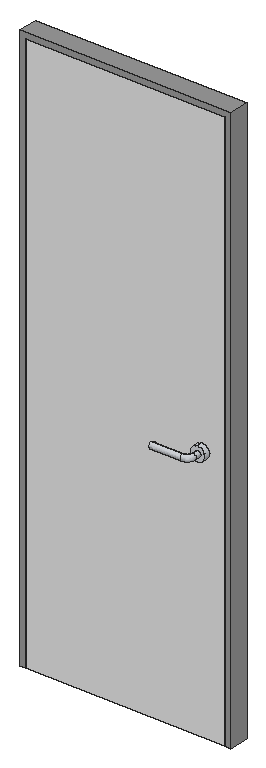
Revit family "- Alegro", category Doors, host Wall, Revit 2018
Family settings
  Host = Wall
  OmniClass Number = 23.30.10.00
  OmniClass Title = Doors
  Always vertical = Yes
  Cut with Voids When Loaded = No
  Shared = No
  Room Calculation Point = No
Parameters (values of type "- 70 x 200 cm")
  Set de Marcos = ""
  Relleno = ""
  Material Marco = - Perfil Aluminio
  Material Hoja = - HDF Prefinish
  Manilla = - Manilla
  Hojas = "Simple de Abatir"
  Function = Interior
  Frame Projection Ext. = 2.50 cm
  Frame Projection Int. = 2.50 cm
  Frame Width = 7.50 cm
  Height = 200.00 cm
  Wall Closure = By host
  Width = 74.00 cm
  Distancia a Cara Interior = 6.00 cm
  Bisagras = ""
  Ancho Hoja = Width - 4.00 cm  # 70.00 cm
  Ancho = Width  # 74.00 cm
  Analytic Construction = "<None>"
  Alto = Height  # 200.00 cm
Types (12, lengths in cm): name | Material Hoja | Height | Width | Ancho Hoja | Ancho | Alto
  - 70 x 200 cm | - HDF Prefinish | 200.00 | 74.00 | 70.00 | 74.00 | 200.00
  - 75 x 200 cm | none | 200.00 | 79.00 | 75.00 | 79.00 | 200.00
  - 80 x 200 cm | none | 200.00 | 84.00 | 80.00 | 84.00 | 200.00
  - 85 x 200 cm | none | 200.00 | 89.00 | 85.00 | 89.00 | 200.00
  - 90 x 200 cm | none | 200.00 | 94.00 | 90.00 | 94.00 | 200.00
  -100 x 200 cm | none | 200.00 | 104.00 | 100.00 | 104.00 | 200.00
  - 70 x 210 cm | none | 210.00 | 74.00 | 70.00 | 74.00 | 210.00
  - 75 x 210 cm | none | 210.00 | 79.00 | 75.00 | 79.00 | 210.00
  - 80 x 210 cm | none | 210.00 | 84.00 | 80.00 | 84.00 | 210.00
  - 85 x 210 cm | none | 210.00 | 89.00 | 85.00 | 89.00 | 210.00
  - 90 x 210 cm | - HDF Prefinish | 210.00 | 94.00 | 90.00 | 94.00 | 210.00
  - 100 x 210 cm | - HDF Siena | 210.00 | 104.00 | 100.00 | 104.00 | 210.00
Reference planes (cm)
  plane 1: y = 0
  plane 2 "Center (Left/Right)": x = 0
  plane 3 "Left": x = -37
  plane 4 "Right": x = 37
  plane 5: z = 200
  plane 6 "Exterior": y = 7.5
  plane 7 "Interior": y = -7.5
  plane 8: y = -1.5
  plane 9: z = 198
  plane 10: x = -35
  plane 11: x = 35
Forms (cm)
  Sweep 1, solid, material "- Perfil Aluminio" <- "Material Marco"
    path origin (0, 7.5, 0) x (1, 0, 0) y (0, 0, 1)
      loop
        line (37, 0) -> (37, 200) -> (-37, 200) -> (-37, 0)
    profile origin (37, 7.5, 100) x (-1, 0, 0) y (0, -1, 0)
      loop
        line (0, 2) -> (3, 2) -> (3, 4.3) -> (2, 4.3) -> (2, 9) -> (0, 9) -> (0, 2)
  Extrusion 2, solid, material "- HDF Prefinish" <- "Material Hoja"
    sketch origin (0, 0, 0) x (1, 0, 0) y (0, 1, 0)
      loop
        line (-35, -1.5) -> (35, -1.5) -> (35, 3) -> (-35, 3) -> (-35, -1.5)
    from 0 to 198
  Sweep 3, solid, material "- Manilla" <- "Manilla", not visible
    path origin (5.8483, -7.5601, 0) x (1, 0, 0) y (0, 1, 0)
      loop
        line (22.1517, 15.0613) -> (32.1517, 15.0613)
        arc (32.1517, 15.0613) -> (33.5659, 14.4756) -> (34.1517, 13.0613) r 2
        line (34.1517, 13.0613) -> (34.1517, 11.0613)
    profile origin (33, 7.5012, 0) x (0, 1, 0) y (0, 0, 1)
      loop
        circle (0, 90) r 1
  Extrusion 4, solid, material "- Manilla" <- "Manilla", not visible
    sketch origin (0, 7.5, 0) x (1, 0, 0) y (0, 0, 1)
      loop
        circle (40, 90) r 2.5
    from 3.9988 to 5
Lines and regions (cm)
  Opening 1
    outline origin (-305, -7.5, 0) x (1, 0, 0) y (0, 0, 1)
      loop
        line (268, 0) -> (342, 0) -> (342, 200) -> (268, 200) -> (268, 0)
  symbolic lines, style "Elevation Swing"
    curve 1: line (37, -7.5, 100) -> (-37, -7.5, 200)
    curve 2: line (37, -7.5, 100) -> (-37, -7.5, 0)
    curve 7: arc (-30.5, -71.5, 0) -> (16.4246, -49.6941, 0) -> (35.2596, -1.5001, 0) r 69.4706
  symbolic lines
    curve 3: line (-35, -1.5, 0) -> (-35, -71.5, 0)
    curve 4: line (-30.5, -1.5, 0) -> (-35, -1.5, 0)
    curve 5: line (-30.5, -71.5, 0) -> (-30.5, -1.5, 0)
    curve 6: line (-35, -71.5, 0) -> (-30.5, -71.5, 0)
  model lines
    curve 8: line (9, 3, 170) -> (-9, 3, 170)
    curve 9: line (-9, 3, 170) -> (-9, 3, 30)
    curve 10: line (-9, 3, 30) -> (9, 3, 30)
    curve 11: line (9, 3, 170) -> (9, 3, 30)
    curve 12: line (9, -1.5, 170) -> (-9, -1.5, 170)
    curve 13: line (-9, -1.5, 170) -> (-9, -1.5, 30)
    curve 14: line (-9, -1.5, 30) -> (9, -1.5, 30)
    curve 15: line (9, -1.5, 170) -> (9, -1.5, 30)
Text (cm)
  text "Exterior" at (-229.5016, 109.9543, 0), in view "Ref. Level"
  text "Exterior" at (0, 161.538, 369.8081), in view "Left"
  text "Exterior" at (0, 103.6032, 387.4932), in view "Right"
Dimensions and locks (cm)
  equal spacing: plane 3 "Left", plane 2 "Center (Left/Right)", plane 4 "Right"
  "Width": plane 3 "Left" to plane 4 "Right"
  "Height": plane 5 to host wall
  equal spacing: host wall, curve 2, plane 5
  host wall to plane 5 = 200.00 cm
  locked: plane 6 "Exterior" to host wall at 0
  locked: plane 7 "Interior" to host wall
  "Distancia a Cara Interior": plane 7 "Interior" to plane 8
  locked: Sweep 1 sketch curve to Sweep 1 sketch curve at 7
  locked: plane 9 to plane 5 at 2
  locked: curve 3 to curve 5 at 4.5
  locked: plane 3 "Left" to plane 10 at 2
  locked: plane 11 to plane 4 "Right" at 2
  "Ancho Hoja": curve 6 to curve 4
  locked: Extrusion 2 sketch curve to Extrusion 2 sketch curve at 4.5
  locked: nested 1 to plane 4 "Right" at 10
  level to nested 1 = 90.00 cm
  locked: nested 2 to plane 4 "Right" at 10
  locked: nested 2 to level at 90
  locked: Sweep 1 sketch curve to Sweep 1 sketch curve at 2.3
  locked: curve 8 to plane 5 at 30
  locked: Extrusion 2 to curve 10 at 30
  locked: plane 2 "Center (Left/Right)" to curve 9 at 9
  locked: curve 11 to plane 2 "Center (Left/Right)" at 9
  locked: curve 14 to Extrusion 2 at 30
  locked: Sweep 1 to curve 12 at 30
  locked: plane 2 "Center (Left/Right)" to curve 13 at 9
  locked: curve 15 to plane 2 "Center (Left/Right)" at 9
  aligned and locked: plane 3 "Left" to Opening 1 sketch curve
  aligned and locked: plane 5 to Opening 1 sketch curve  (x2)
  aligned and locked: Opening 1 sketch curve to plane 4 "Right"
  aligned and locked: Opening 1 sketch curve to level
  aligned and locked: plane 5 to curve 1
  aligned and locked: plane 3 "Left" to curve 2
  aligned and locked: plane 1 to host wall
  aligned and locked: plane 3 "Left" to curve 1
  aligned and locked: plane 8 to Sweep 1 sketch curve
  aligned and locked: Extrusion 2 sketch curve to plane 8
  aligned and locked: Sweep 1 to level
  aligned and locked: plane 10 to curve 3
  aligned and locked: Sweep 3 to Extrusion 4
  aligned and locked: Extrusion 2 to plane 9
Automatic sketch dimensions
  plane 4 "Right" to curve 2 = 0.00 cm
  curve 2 to level = 0.00 cm
  plane 3 "Left" to Sweep 1 sketch curve = 0.00 cm
  plane 4 "Right" to Sweep 1 sketch curve = 0.00 cm
  Sweep 1 sketch curve to level = 0.00 cm  (x2)
  Sweep 1 sketch curve to plane 5 = 0.00 cm
  Sweep 1 sketch curve to profile plane = 0.00 cm
  Sweep 1 sketch curve to profile plane = 2.00 cm
  Sweep 1 sketch curve to Sweep 1 sketch curve = 1.00 cm
  curve 7 to plane 8 = 0.0001 cm
  curve 7 to plane 11 = 0.2596 cm
  curve 4 to plane 8 = 0.00 cm
  curve 7 to plane 10 = 0.7919 cm
  Sweep 3 sketch curve to Sweep 3 sketch curve = 10.00 cm
  Sweep 3 sketch curve to Sweep 3 sketch curve = 2.00 cm  (x2)
  Sweep 3 sketch curve to profile plane = 0.00 cm
  profile plane to Sweep 3 sketch curve = 90.00 cm
  Extrusion 2 sketch curve to plane 10 = 0.00 cm
  Extrusion 2 sketch curve to plane 11 = 0.00 cm
  radius of Sweep 3 sketch curve = 1.00 cm
  radius of Extrusion 4 sketch curve = 2.50 cm
Nested families (cm)
  nested 1: "- Manilla Generica Puerta" at (27, 3, 90) x (0, 0, -1) z (0, 1, 0), type "- Manilla Generica Puerta"
  nested 2: "- Manilla Generica Puerta" at (27, -1.5, 90) x (0, 0, -1) z (0, -1, 0), type "- Manilla Generica Puerta"
Definition of nested family "- Manilla Generica Puerta"
  Parameters (values of type "- Manilla Generica Puerta")
    Manilla = none
    Default Elevation = 121.92 cm
  Reference planes (cm)
    plane 1 "Center (Front/Back)": y = 0
    plane 2: z = 0
    plane 3 "Center (Left/Right)": x = 0
    plane 4: z = 2
  Forms (cm)
    Extrusion 1, solid
      sketch origin (0, 0, 0) x (1, 0, 0) y (0, 1, 0)
        loop
          line (-121.92, 121.92) -> (-121.92, -121.92) -> (121.92, -121.92) -> (121.92, 121.92) -> (-121.92, 121.92)
      from 0 to -30.48
    Extrusion 2, solid, material <- "Manilla"
      sketch origin (0, 0, 0) x (1, 0, 0) y (0, 1, 0)
        loop
          circle (0, 0) r 2.5
      from 0 to 2
    Sweep 3, solid, material <- "Manilla"
      path origin (0, 0, 0) x (0, 1, 0) y (0, 0, 1)
        loop
          line (0, 2) -> (0, 4)
          arc (0, 4) -> (0.5858, 5.4142) -> (2, 6) r 2
          line (2, 6) -> (13, 6)
      profile origin (0, 0, 3) x (0, -1, 0) y (1, 0, 0)
        loop
          circle (0, 0) r 1
  Dimensions and locks (cm)
    locked: Extrusion 2 to Extrusion 2 at 2
    locked: plane 4 to level at 2
    aligned and locked: plane 2 to Extrusion 1
    aligned and locked: level to Extrusion 1
    aligned and locked: plane 4 to Sweep 3
